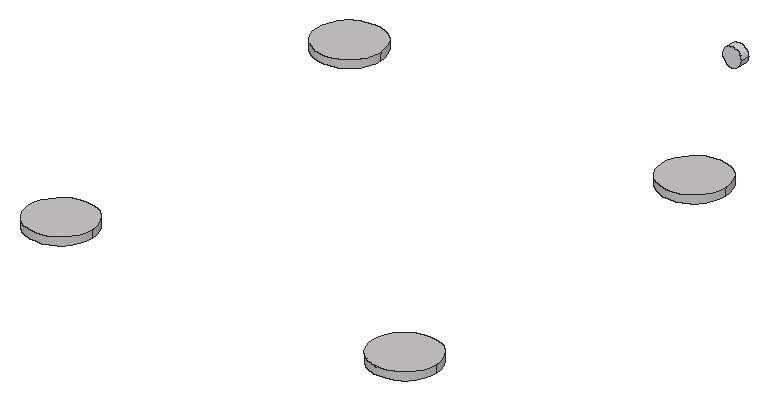
Revit family "QF_BOURGEAT_Transtherm_Fours_mobiles_10GN1_1", category Equipement spécialisé, Revit 2015
Parameters (values of type "893910 + 897500")
  URL catalogue = "http://www.bourgeat.fr/fr/"
  URL = ""
  Type_de_modele = 893910 + 897500 : 893910 + 897500
  Type de Raccord Electrique = ""
  Type article = ""
  Tension = 400 V
  Spécification du Fabricant = "TRANS'THERM"
  Remarques Electricité = ""
  Puissance électrique  = 8700 W
  Profondeur hors tout = 782 mm
  Poids net à vide = 80.00 kg
  Phase = 3
  Nature isolant = "Laine_de_roche(60mm)"
  Modèle = "893910 + 897500"
  Longueur hors tout = 744 mm
  Intensité nominale = 21.75 A
  Indice de protection = "IP25"
  Hauteur hors tout = 1320 mm
  Fréquence = 50 Hz
  Fabricant = "BOURGEAT"
  Contact SAV = "0033 (0)4.76.32.14.44"
  Consommation énergétique = "6.06Kwh/h"
  Charge max = 40.00 kg
  Certification = "NF alimentaire"
Types (5, lengths in mm): name | Type_de_modele | Modèle | Indice de protection
  (no name) | 893910 + 897500 : 893910 + 897500 | "893910 + 897500" | "IP25"
  893210 | 893210 : 893210 | "893210" | "IP25"
  893210 + 897500 | 893210 + 897500 : 893210 + 897500 | "893210 + 897500" | "IP25"
  893910 | 893910 : 893910 | "893910" | "IP55"
  893910 + 897500 | 893910 + 897500 : 893910 + 897500 | "893910 + 897500" | "IP25"
Reference planes
  plane 1 "Centre (avant/arrière)": y = 0
  plane 2: z = 0
  plane 3 "Centre (gauche/droite)": x = 0
  plane 4: z = 350.794
  plane 5: x = 289.75
Forms (mm)
  Extrusion 1, solid
    sketch origin (0, 0, 0) x (1, 0, 0) y (0, 0, 1)
      loop
        circle (289.75, 350.794) r 15
    from 36.966 to 23.152
  Extrusion 2, solid, material "Acier inoxydable, brossé"
    sketch origin (0, 0, 0) x (1, 0, 0) y (0, 1, 0)
      loop
        circle (-275.154, -100.982) r 51
      loop
        circle (279.846, -100.982) r 51
      loop
        circle (279.271, -682.131) r 51
      loop
        circle (-274.164, -682.131) r 51
    from 193.195 to 205.264
Dimensions and locks
  aligned and locked: level to plane 2
  aligned and locked: plane 4 to Extrusion 1 sketch curve
  aligned and locked: plane 5 to Extrusion 1 sketch curve
Nested families
  nested 1: "893910 + 897500" at (0, 0, 0), type <- "Type_de_modele", type "893910 + 897500"
Connectors
  electrical at (289.75, -23.152, 350.794)
    settings: on Extrusion 1, index 1, voltage 0 V, apparent load 0 VA, apparent load phase1 0 VA, apparent load phase2 0 VA, apparent load phase3 0 VA, power factor 1, load classification "Autre", number of poles 1, system type 30, power factor state 1, is connector primary yes, connector utility no, sub classification motor no, connector description ""
Definition of nested family "893910 + 897500"
  Parameters (values of type "893910 + 897500")
    URL_page_produit = "http://www.bourgeat.fr/fr/"
    URL_fiche_technique = "à venir"
    URL_SAV = "à venir"
    URL = "http://www.bourgeat.fr/fr/"
    Type_de_raccordement = ""
    Tension = 400 V
    Puissance_electrique = 8700 W
    Protection_appareil = ""
    Profondeur_hors_tout = 782 mm
    Poids = "80Kg"
    Nombre_pole = 1
    Niveau_sonore = ""
    Nature_isolant = "Laine_de_roche(60mm)"
    Model = "Trans'therm"
    Largeur_hors_tout = 744 mm
    Intensite = Puissance_electrique / Tension  # 21.75 A
    Indice_protection = ""
    Hauteur_hors_tout = 1320 mm
    Frequence = "50/60HZ"
    Manufacturer = "BOURGEAT"
    Contact_SAV = "0033 (0)4.76.32.14.44"
    Consommation_energetique = "6.06Kwh"
    Code_article = "893910"
    Classe_energetique = ""
    Classe_climatique = ""
    Charge_maximum = "40Kg"
    Certification = "NF alimentaire"
  Reference planes
    plane 1 "Centre (avant/arrière)": y = 0
    plane 2: z = 0
    plane 3 "Centre (gauche/droite)": x = 0
    plane 4: x = 0
  Lines and regions (mm)
    symbolic lines
      curve 1: line (-339.5, -751.166, 0) -> (-339.5, -1430.166, 0)
      curve 2: arc (-339.5, -1430.166, 0) -> (140.625, -1231.291, 0) -> (339.5, -751.166, 0) r 679
  Dimensions and locks
    plane 4 to import instance = 373 mm
    aligned and locked: level to plane 2
    aligned and locked: plane 3 "Centre (gauche/droite)" to plane 4
    aligned and locked: plane 1 "Centre (avant/arrière)" to import instance
